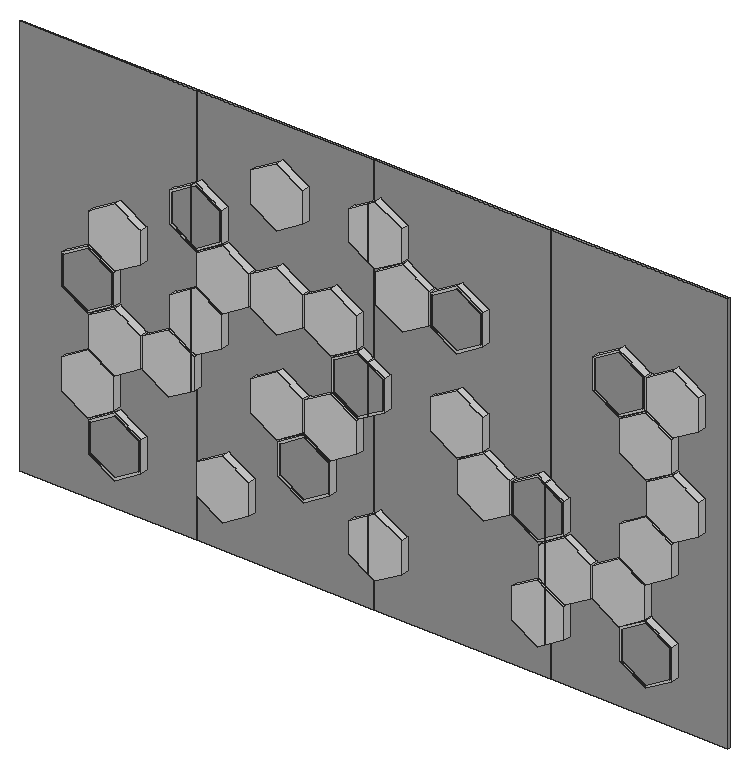
Revit family "SUR-FPG-035_HONEYCOMB_RFA", category Modelos genéricos, Revit 2022 (continued)
Forms (in)
  Extrusion 236, solid, not visible
    sketch origin (0.11662, 0.00149, -1.20924) x (0, 1, 0) y (0, 0, -1)
      loop
        line (0.96881, 1.14538) -> (0.96881, -1.85462) -> (0.65631, -1.85462) -> (0.65631, -2.35462) -> (0.96881, -2.35462) -> (3.48948, -2.35462) -> (3.48948, -0.60462) -> (4.19814, -0.60462) -> (4.19814, -2.35462) -> (9.23948, -2.35462) -> (9.23948, -0.60462) -> (9.94814, -0.60462) -> (9.94814, -2.35462) -> (14.98948, -2.35462) -> (14.98948, -0.60462) -> (15.69814, -0.60462) -> (15.69814, -2.35462) -> (20.73948, -2.35462) -> (20.73948, -0.60462) -> (21.44814, -0.60462) -> (21.44814, -2.35462) -> (24.28131, -2.35462) -> (24.28131, -1.85462) -> (23.96881, -1.85462) -> (23.96881, 1.14538) -> (0.96881, 1.14538)
    from -3.96341 to -3.49097
  Extrusion 237, solid, not visible
    sketch origin (-0.00149, 0.00149, -1.20924) x (0, 1, 0) y (0, 0, -1)
      loop
        line (0.96881, 1.14538) -> (0.96881, -1.85462) -> (0.65631, -1.85462) -> (0.65631, -2.35462) -> (0.96881, -2.35462) -> (3.48948, -2.35462) -> (3.48948, -0.60462) -> (4.19814, -0.60462) -> (4.19814, -2.35462) -> (9.23948, -2.35462) -> (9.23948, -0.60462) -> (9.94814, -0.60462) -> (9.94814, -2.35462) -> (14.98948, -2.35462) -> (14.98948, -0.60462) -> (15.69814, -0.60462) -> (15.69814, -2.35462) -> (20.73948, -2.35462) -> (20.73948, -0.60462) -> (21.44814, -0.60462) -> (21.44814, -2.35462) -> (24.28131, -2.35462) -> (24.28131, -1.85462) -> (23.96881, -1.85462) -> (23.96881, 1.14538) -> (0.96881, 1.14538)
    from -4.19963 to -4.08152
  Extrusion 238, solid, not visible
    sketch origin (0, 0, 0) x (1, 0, 0) y (0, 0, 1)
      loop
        line (0.96881, 0.64538) -> (0.96881, -2.35462) -> (3.48948, -2.35462) -> (3.48948, -0.60462) -> (4.19814, -0.60462) -> (4.19814, -2.35462) -> (9.23948, -2.35462) -> (9.23948, -0.60462) -> (9.94814, -0.60462) -> (9.94814, -2.35462) -> (14.98948, -2.35462) -> (14.98948, -0.60462) -> (15.69814, -0.60462) -> (15.69814, -2.35462) -> (20.73948, -2.35462) -> (20.73948, -0.60462) -> (21.44814, -0.60462) -> (21.44814, -2.35462) -> (23.96881, -2.35462) -> (23.96881, 0.64538) -> (24.28131, 0.64538) -> (24.28131, 1.14538) -> (0.65631, 1.14538) -> (0.65631, 0.64538) -> (0.96881, 0.64538)
    from -3.60908 to -3.49097
  Extrusion 239, solid, not visible
    sketch origin (0, 0, 0) x (1, 0, 0) y (0, 0, 1)
      loop
        line (0.96881, 0.64538) -> (0.96881, -2.35462) -> (3.48948, -2.35462) -> (3.48948, -0.60462) -> (4.19814, -0.60462) -> (4.19814, -2.35462) -> (9.23948, -2.35462) -> (9.23948, -0.60462) -> (9.94814, -0.60462) -> (9.94814, -2.35462) -> (14.98948, -2.35462) -> (14.98948, -0.60462) -> (15.69814, -0.60462) -> (15.69814, -2.35462) -> (20.73948, -2.35462) -> (20.73948, -0.60462) -> (21.44814, -0.60462) -> (21.44814, -2.35462) -> (23.96881, -2.35462) -> (23.96881, 0.64538) -> (24.28131, 0.64538) -> (24.28131, 1.14538) -> (0.65631, 1.14538) -> (0.65631, 0.64538) -> (0.96881, 0.64538)
    from -4.08152 to -3.60908
  Extrusion 240, solid, not visible
    sketch origin (0, 0, 0) x (1, 0, 0) y (0, 0, 1)
      loop
        line (0.96881, 0.64538) -> (0.96881, -2.35462) -> (3.48948, -2.35462) -> (3.48948, -0.60462) -> (4.19814, -0.60462) -> (4.19814, -2.35462) -> (9.23948, -2.35462) -> (9.23948, -0.60462) -> (9.94814, -0.60462) -> (9.94814, -2.35462) -> (14.98948, -2.35462) -> (14.98948, -0.60462) -> (15.69814, -0.60462) -> (15.69814, -2.35462) -> (20.73948, -2.35462) -> (20.73948, -0.60462) -> (21.44814, -0.60462) -> (21.44814, -2.35462) -> (23.96881, -2.35462) -> (23.96881, 0.64538) -> (24.28131, 0.64538) -> (24.28131, 1.14538) -> (0.65631, 1.14538) -> (0.65631, 0.64538) -> (0.96881, 0.64538)
    from -4.19963 to -4.08152
  Extrusion 241, solid, not visible
    sketch origin (0, 0, 0) x (1, 0, 0) y (0, 0, 1)
      loop
        line (0.96881, 0.64538) -> (0.96881, -2.35462) -> (3.48948, -2.35462) -> (3.48948, -0.60462) -> (4.19814, -0.60462) -> (4.19814, -2.35462) -> (9.23948, -2.35462) -> (9.23948, -0.60462) -> (9.94814, -0.60462) -> (9.94814, -2.35462) -> (14.98948, -2.35462) -> (14.98948, -0.60462) -> (15.69814, -0.60462) -> (15.69814, -2.35462) -> (20.73948, -2.35462) -> (20.73948, -0.60462) -> (21.44814, -0.60462) -> (21.44814, -2.35462) -> (23.96881, -2.35462) -> (23.96881, 0.64538) -> (24.28131, 0.64538) -> (24.28131, 1.14538) -> (0.65631, 1.14538) -> (0.65631, 0.64538) -> (0.96881, 0.64538)
    from -9.94963 to -9.83152
  Extrusion 242, solid, not visible
    sketch origin (0, 0, 0) x (1, 0, 0) y (0, 0, 1)
      loop
        line (0.96881, 0.64538) -> (0.96881, -2.35462) -> (3.48948, -2.35462) -> (3.48948, -0.60462) -> (4.19814, -0.60462) -> (4.19814, -2.35462) -> (9.23948, -2.35462) -> (9.23948, -0.60462) -> (9.94814, -0.60462) -> (9.94814, -2.35462) -> (14.98948, -2.35462) -> (14.98948, -0.60462) -> (15.69814, -0.60462) -> (15.69814, -2.35462) -> (20.73948, -2.35462) -> (20.73948, -0.60462) -> (21.44814, -0.60462) -> (21.44814, -2.35462) -> (23.96881, -2.35462) -> (23.96881, 0.64538) -> (24.28131, 0.64538) -> (24.28131, 1.14538) -> (0.65631, 1.14538) -> (0.65631, 0.64538) -> (0.96881, 0.64538)
    from -9.35908 to -9.24097
  Extrusion 243, solid, not visible
    sketch origin (0, 0, 0) x (1, 0, 0) y (0, 0, 1)
      loop
        line (0.96881, 0.64538) -> (0.96881, -2.35462) -> (3.48948, -2.35462) -> (3.48948, -0.60462) -> (4.19814, -0.60462) -> (4.19814, -2.35462) -> (9.23948, -2.35462) -> (9.23948, -0.60462) -> (9.94814, -0.60462) -> (9.94814, -2.35462) -> (14.98948, -2.35462) -> (14.98948, -0.60462) -> (15.69814, -0.60462) -> (15.69814, -2.35462) -> (20.73948, -2.35462) -> (20.73948, -0.60462) -> (21.44814, -0.60462) -> (21.44814, -2.35462) -> (23.96881, -2.35462) -> (23.96881, 0.64538) -> (24.28131, 0.64538) -> (24.28131, 1.14538) -> (0.65631, 1.14538) -> (0.65631, 0.64538) -> (0.96881, 0.64538)
    from -9.83152 to -9.35908
  Extrusion 244, solid, not visible
    sketch origin (0, 0, 0) x (1, 0, 0) y (0, 0, 1)
      loop
        line (0.96881, 0.64538) -> (0.96881, -2.35462) -> (3.48948, -2.35462) -> (3.48948, -0.60462) -> (4.19814, -0.60462) -> (4.19814, -2.35462) -> (9.23948, -2.35462) -> (9.23948, -0.60462) -> (9.94814, -0.60462) -> (9.94814, -2.35462) -> (14.98948, -2.35462) -> (14.98948, -0.60462) -> (15.69814, -0.60462) -> (15.69814, -2.35462) -> (20.73948, -2.35462) -> (20.73948, -0.60462) -> (21.44814, -0.60462) -> (21.44814, -2.35462) -> (23.96881, -2.35462) -> (23.96881, 0.64538) -> (24.28131, 0.64538) -> (24.28131, 1.14538) -> (0.65631, 1.14538) -> (0.65631, 0.64538) -> (0.96881, 0.64538)
    from -15.69963 to -15.58152
  Extrusion 245, solid, not visible
    sketch origin (0, 0, 0) x (1, 0, 0) y (0, 0, 1)
      loop
        line (0.96881, 0.64538) -> (0.96881, -2.35462) -> (3.48948, -2.35462) -> (3.48948, -0.60462) -> (4.19814, -0.60462) -> (4.19814, -2.35462) -> (9.23948, -2.35462) -> (9.23948, -0.60462) -> (9.94814, -0.60462) -> (9.94814, -2.35462) -> (14.98948, -2.35462) -> (14.98948, -0.60462) -> (15.69814, -0.60462) -> (15.69814, -2.35462) -> (20.73948, -2.35462) -> (20.73948, -0.60462) -> (21.44814, -0.60462) -> (21.44814, -2.35462) -> (23.96881, -2.35462) -> (23.96881, 0.64538) -> (24.28131, 0.64538) -> (24.28131, 1.14538) -> (0.65631, 1.14538) -> (0.65631, 0.64538) -> (0.96881, 0.64538)
    from -15.10908 to -14.99097
  Extrusion 246, solid, not visible
    sketch origin (0, 0, 0) x (1, 0, 0) y (0, 0, 1)
      loop
        line (0.96881, 0.64538) -> (0.96881, -2.35462) -> (3.48948, -2.35462) -> (3.48948, -0.60462) -> (4.19814, -0.60462) -> (4.19814, -2.35462) -> (9.23948, -2.35462) -> (9.23948, -0.60462) -> (9.94814, -0.60462) -> (9.94814, -2.35462) -> (14.98948, -2.35462) -> (14.98948, -0.60462) -> (15.69814, -0.60462) -> (15.69814, -2.35462) -> (20.73948, -2.35462) -> (20.73948, -0.60462) -> (21.44814, -0.60462) -> (21.44814, -2.35462) -> (23.96881, -2.35462) -> (23.96881, 0.64538) -> (24.28131, 0.64538) -> (24.28131, 1.14538) -> (0.65631, 1.14538) -> (0.65631, 0.64538) -> (0.96881, 0.64538)
    from -15.58152 to -15.10908
  Extrusion 247, solid, not visible
    sketch origin (0, 0, 0) x (1, 0, 0) y (0, 0, 1)
      loop
        line (0.96881, 0.64538) -> (0.96881, -2.35462) -> (3.48948, -2.35462) -> (3.48948, -0.60462) -> (4.19814, -0.60462) -> (4.19814, -2.35462) -> (9.23948, -2.35462) -> (9.23948, -0.60462) -> (9.94814, -0.60462) -> (9.94814, -2.35462) -> (14.98948, -2.35462) -> (14.98948, -0.60462) -> (15.69814, -0.60462) -> (15.69814, -2.35462) -> (20.73948, -2.35462) -> (20.73948, -0.60462) -> (21.44814, -0.60462) -> (21.44814, -2.35462) -> (23.96881, -2.35462) -> (23.96881, 0.64538) -> (24.28131, 0.64538) -> (24.28131, 1.14538) -> (0.65631, 1.14538) -> (0.65631, 0.64538) -> (0.96881, 0.64538)
    from -21.44963 to -21.33152
  Extrusion 248, solid, not visible
    sketch origin (0, 0, 0) x (1, 0, 0) y (0, 0, 1)
      loop
        line (0.96881, 0.64538) -> (0.96881, -2.35462) -> (3.48948, -2.35462) -> (3.48948, -0.60462) -> (4.19814, -0.60462) -> (4.19814, -2.35462) -> (9.23948, -2.35462) -> (9.23948, -0.60462) -> (9.94814, -0.60462) -> (9.94814, -2.35462) -> (14.98948, -2.35462) -> (14.98948, -0.60462) -> (15.69814, -0.60462) -> (15.69814, -2.35462) -> (20.73948, -2.35462) -> (20.73948, -0.60462) -> (21.44814, -0.60462) -> (21.44814, -2.35462) -> (23.96881, -2.35462) -> (23.96881, 0.64538) -> (24.28131, 0.64538) -> (24.28131, 1.14538) -> (0.65631, 1.14538) -> (0.65631, 0.64538) -> (0.96881, 0.64538)
    from -20.85908 to -20.74097
  Extrusion 249, solid, not visible
    sketch origin (0, 0, 0) x (1, 0, 0) y (0, 0, 1)
      loop
        line (0.96881, 0.64538) -> (0.96881, -2.35462) -> (3.48948, -2.35462) -> (3.48948, -0.60462) -> (4.19814, -0.60462) -> (4.19814, -2.35462) -> (9.23948, -2.35462) -> (9.23948, -0.60462) -> (9.94814, -0.60462) -> (9.94814, -2.35462) -> (14.98948, -2.35462) -> (14.98948, -0.60462) -> (15.69814, -0.60462) -> (15.69814, -2.35462) -> (20.73948, -2.35462) -> (20.73948, -0.60462) -> (21.44814, -0.60462) -> (21.44814, -2.35462) -> (23.96881, -2.35462) -> (23.96881, 0.64538) -> (24.28131, 0.64538) -> (24.28131, 1.14538) -> (0.65631, 1.14538) -> (0.65631, 0.64538) -> (0.96881, 0.64538)
    from -21.33152 to -20.85908
  Extrusion 250, solid, not visible
    sketch origin (-0.00149, 0.00149, -1.20924) x (0, 1, 0) y (0, 0, -1)
      loop
        line (0.96881, 1.14538) -> (0.96881, -1.85462) -> (0.65631, -1.85462) -> (0.65631, -2.35462) -> (0.96881, -2.35462) -> (3.48948, -2.35462) -> (3.48948, -0.60462) -> (4.19814, -0.60462) -> (4.19814, -2.35462) -> (9.23948, -2.35462) -> (9.23948, -0.60462) -> (9.94814, -0.60462) -> (9.94814, -2.35462) -> (14.98948, -2.35462) -> (14.98948, -0.60462) -> (15.69814, -0.60462) -> (15.69814, -2.35462) -> (20.73948, -2.35462) -> (20.73948, -0.60462) -> (21.44814, -0.60462) -> (21.44814, -2.35462) -> (24.28131, -2.35462) -> (24.28131, -1.85462) -> (23.96881, -1.85462) -> (23.96881, 1.14538) -> (0.96881, 1.14538)
    from -3.60908 to -3.49097
  Extrusion 251, solid, not visible
    sketch origin (0.11662, 0.00149, -1.20924) x (0, 1, 0) y (0, 0, -1)
      loop
        line (0.96881, 1.14538) -> (0.96881, -1.85462) -> (0.65631, -1.85462) -> (0.65631, -2.35462) -> (0.96881, -2.35462) -> (3.48948, -2.35462) -> (3.48948, -0.60462) -> (4.19814, -0.60462) -> (4.19814, -2.35462) -> (9.23948, -2.35462) -> (9.23948, -0.60462) -> (9.94814, -0.60462) -> (9.94814, -2.35462) -> (14.98948, -2.35462) -> (14.98948, -0.60462) -> (15.69814, -0.60462) -> (15.69814, -2.35462) -> (20.73948, -2.35462) -> (20.73948, -0.60462) -> (21.44814, -0.60462) -> (21.44814, -2.35462) -> (24.28131, -2.35462) -> (24.28131, -1.85462) -> (23.96881, -1.85462) -> (23.96881, 1.14538) -> (0.96881, 1.14538)
    from -3.96341 to -3.49097
  Extrusion 252, solid, not visible
    sketch origin (-0.00149, 0.00149, -1.20924) x (0, 1, 0) y (0, 0, -1)
      loop
        line (0.96881, 1.14538) -> (0.96881, -1.85462) -> (0.65631, -1.85462) -> (0.65631, -2.35462) -> (0.96881, -2.35462) -> (3.48948, -2.35462) -> (3.48948, -0.60462) -> (4.19814, -0.60462) -> (4.19814, -2.35462) -> (9.23948, -2.35462) -> (9.23948, -0.60462) -> (9.94814, -0.60462) -> (9.94814, -2.35462) -> (14.98948, -2.35462) -> (14.98948, -0.60462) -> (15.69814, -0.60462) -> (15.69814, -2.35462) -> (20.73948, -2.35462) -> (20.73948, -0.60462) -> (21.44814, -0.60462) -> (21.44814, -2.35462) -> (24.28131, -2.35462) -> (24.28131, -1.85462) -> (23.96881, -1.85462) -> (23.96881, 1.14538) -> (0.96881, 1.14538)
    from -4.19963 to -4.08152
  Extrusion 253, solid, not visible
    sketch origin (5.74851, 0.00149, -1.20924) x (0, 1, 0) y (0, 0, -1)
      loop
        line (0.96881, 1.14538) -> (0.96881, -1.85462) -> (0.65631, -1.85462) -> (0.65631, -2.35462) -> (0.96881, -2.35462) -> (3.48948, -2.35462) -> (3.48948, -0.60462) -> (4.19814, -0.60462) -> (4.19814, -2.35462) -> (9.23948, -2.35462) -> (9.23948, -0.60462) -> (9.94814, -0.60462) -> (9.94814, -2.35462) -> (14.98948, -2.35462) -> (14.98948, -0.60462) -> (15.69814, -0.60462) -> (15.69814, -2.35462) -> (20.73948, -2.35462) -> (20.73948, -0.60462) -> (21.44814, -0.60462) -> (21.44814, -2.35462) -> (24.28131, -2.35462) -> (24.28131, -1.85462) -> (23.96881, -1.85462) -> (23.96881, 1.14538) -> (0.96881, 1.14538)
    from -4.19963 to -4.08152
  Extrusion 254, solid, not visible
    sketch origin (5.15796, 0.00149, -1.20924) x (0, 1, 0) y (0, 0, -1)
      loop
        line (0.96881, 1.14538) -> (0.96881, -1.85462) -> (0.65631, -1.85462) -> (0.65631, -2.35462) -> (0.96881, -2.35462) -> (3.48948, -2.35462) -> (3.48948, -0.60462) -> (4.19814, -0.60462) -> (4.19814, -2.35462) -> (9.23948, -2.35462) -> (9.23948, -0.60462) -> (9.94814, -0.60462) -> (9.94814, -2.35462) -> (14.98948, -2.35462) -> (14.98948, -0.60462) -> (15.69814, -0.60462) -> (15.69814, -2.35462) -> (20.73948, -2.35462) -> (20.73948, -0.60462) -> (21.44814, -0.60462) -> (21.44814, -2.35462) -> (24.28131, -2.35462) -> (24.28131, -1.85462) -> (23.96881, -1.85462) -> (23.96881, 1.14538) -> (0.96881, 1.14538)
    from -4.19963 to -4.08152
  Extrusion 255, solid, not visible
    sketch origin (11.49851, 0.00149, -1.20924) x (0, 1, 0) y (0, 0, -1)
      loop
        line (0.96881, 1.14538) -> (0.96881, -1.85462) -> (0.65631, -1.85462) -> (0.65631, -2.35462) -> (0.96881, -2.35462) -> (3.48948, -2.35462) -> (3.48948, -0.60462) -> (4.19814, -0.60462) -> (4.19814, -2.35462) -> (9.23948, -2.35462) -> (9.23948, -0.60462) -> (9.94814, -0.60462) -> (9.94814, -2.35462) -> (14.98948, -2.35462) -> (14.98948, -0.60462) -> (15.69814, -0.60462) -> (15.69814, -2.35462) -> (20.73948, -2.35462) -> (20.73948, -0.60462) -> (21.44814, -0.60462) -> (21.44814, -2.35462) -> (24.28131, -2.35462) -> (24.28131, -1.85462) -> (23.96881, -1.85462) -> (23.96881, 1.14538) -> (0.96881, 1.14538)
    from -4.19963 to -4.08152
  Extrusion 256, solid, not visible
    sketch origin (10.90796, 0.00149, -1.20924) x (0, 1, 0) y (0, 0, -1)
      loop
        line (0.96881, 1.14538) -> (0.96881, -1.85462) -> (0.65631, -1.85462) -> (0.65631, -2.35462) -> (0.96881, -2.35462) -> (3.48948, -2.35462) -> (3.48948, -0.60462) -> (4.19814, -0.60462) -> (4.19814, -2.35462) -> (9.23948, -2.35462) -> (9.23948, -0.60462) -> (9.94814, -0.60462) -> (9.94814, -2.35462) -> (14.98948, -2.35462) -> (14.98948, -0.60462) -> (15.69814, -0.60462) -> (15.69814, -2.35462) -> (20.73948, -2.35462) -> (20.73948, -0.60462) -> (21.44814, -0.60462) -> (21.44814, -2.35462) -> (24.28131, -2.35462) -> (24.28131, -1.85462) -> (23.96881, -1.85462) -> (23.96881, 1.14538) -> (0.96881, 1.14538)
    from -4.19963 to -4.08152
  Extrusion 257, solid, not visible
    sketch origin (16.65796, 0.00149, -1.20924) x (0, 1, 0) y (0, 0, -1)
      loop
        line (0.96881, 1.14538) -> (0.96881, -1.85462) -> (0.65631, -1.85462) -> (0.65631, -2.35462) -> (0.96881, -2.35462) -> (3.48948, -2.35462) -> (3.48948, -0.60462) -> (4.19814, -0.60462) -> (4.19814, -2.35462) -> (9.23948, -2.35462) -> (9.23948, -0.60462) -> (9.94814, -0.60462) -> (9.94814, -2.35462) -> (14.98948, -2.35462) -> (14.98948, -0.60462) -> (15.69814, -0.60462) -> (15.69814, -2.35462) -> (20.73948, -2.35462) -> (20.73948, -0.60462) -> (21.44814, -0.60462) -> (21.44814, -2.35462) -> (24.28131, -2.35462) -> (24.28131, -1.85462) -> (23.96881, -1.85462) -> (23.96881, 1.14538) -> (0.96881, 1.14538)
    from -4.19963 to -4.08152
  Extrusion 258, solid, not visible
    sketch origin (17.24851, 0.00149, -1.20924) x (0, 1, 0) y (0, 0, -1)
      loop
        line (0.96881, 1.14538) -> (0.96881, -1.85462) -> (0.65631, -1.85462) -> (0.65631, -2.35462) -> (0.96881, -2.35462) -> (3.48948, -2.35462) -> (3.48948, -0.60462) -> (4.19814, -0.60462) -> (4.19814, -2.35462) -> (9.23948, -2.35462) -> (9.23948, -0.60462) -> (9.94814, -0.60462) -> (9.94814, -2.35462) -> (14.98948, -2.35462) -> (14.98948, -0.60462) -> (15.69814, -0.60462) -> (15.69814, -2.35462) -> (20.73948, -2.35462) -> (20.73948, -0.60462) -> (21.44814, -0.60462) -> (21.44814, -2.35462) -> (24.28131, -2.35462) -> (24.28131, -1.85462) -> (23.96881, -1.85462) -> (23.96881, 1.14538) -> (0.96881, 1.14538)
    from -4.19963 to -4.08152
  Extrusion 259, solid, not visible
    sketch origin (5.86662, 0.00149, -1.20924) x (0, 1, 0) y (0, 0, -1)
      loop
        line (0.96881, 1.14538) -> (0.96881, -1.85462) -> (0.65631, -1.85462) -> (0.65631, -2.35462) -> (0.96881, -2.35462) -> (3.48948, -2.35462) -> (3.48948, -0.60462) -> (4.19814, -0.60462) -> (4.19814, -2.35462) -> (9.23948, -2.35462) -> (9.23948, -0.60462) -> (9.94814, -0.60462) -> (9.94814, -2.35462) -> (14.98948, -2.35462) -> (14.98948, -0.60462) -> (15.69814, -0.60462) -> (15.69814, -2.35462) -> (20.73948, -2.35462) -> (20.73948, -0.60462) -> (21.44814, -0.60462) -> (21.44814, -2.35462) -> (24.28131, -2.35462) -> (24.28131, -1.85462) -> (23.96881, -1.85462) -> (23.96881, 1.14538) -> (0.96881, 1.14538)
    from -3.96341 to -3.49097
  Extrusion 260, solid, not visible
    sketch origin (11.61662, 0.00149, -1.20924) x (0, 1, 0) y (0, 0, -1)
      loop
        line (0.96881, 1.14538) -> (0.96881, -1.85462) -> (0.65631, -1.85462) -> (0.65631, -2.35462) -> (0.96881, -2.35462) -> (3.48948, -2.35462) -> (3.48948, -0.60462) -> (4.19814, -0.60462) -> (4.19814, -2.35462) -> (9.23948, -2.35462) -> (9.23948, -0.60462) -> (9.94814, -0.60462) -> (9.94814, -2.35462) -> (14.98948, -2.35462) -> (14.98948, -0.60462) -> (15.69814, -0.60462) -> (15.69814, -2.35462) -> (20.73948, -2.35462) -> (20.73948, -0.60462) -> (21.44814, -0.60462) -> (21.44814, -2.35462) -> (24.28131, -2.35462) -> (24.28131, -1.85462) -> (23.96881, -1.85462) -> (23.96881, 1.14538) -> (0.96881, 1.14538)
    from -3.96341 to -3.49097
  Extrusion 261, solid, not visible
    sketch origin (17.36662, 0.00149, -1.20924) x (0, 1, 0) y (0, 0, -1)
      loop
        line (0.96881, 1.14538) -> (0.96881, -1.85462) -> (0.65631, -1.85462) -> (0.65631, -2.35462) -> (0.96881, -2.35462) -> (3.48948, -2.35462) -> (3.48948, -0.60462) -> (4.19814, -0.60462) -> (4.19814, -2.35462) -> (9.23948, -2.35462) -> (9.23948, -0.60462) -> (9.94814, -0.60462) -> (9.94814, -2.35462) -> (14.98948, -2.35462) -> (14.98948, -0.60462) -> (15.69814, -0.60462) -> (15.69814, -2.35462) -> (20.73948, -2.35462) -> (20.73948, -0.60462) -> (21.44814, -0.60462) -> (21.44814, -2.35462) -> (24.28131, -2.35462) -> (24.28131, -1.85462) -> (23.96881, -1.85462) -> (23.96881, 1.14538) -> (0.96881, 1.14538)
    from -3.96341 to -3.49097
  Extrusion 262, solid, not visible
    sketch origin (0, 0, 0) x (1, 0, 0) y (0, 0, 1)
      loop
        line (0.96881, 0.64538) -> (0.96881, -2.35462) -> (3.48948, -2.35462) -> (3.48948, -0.60462) -> (4.19814, -0.60462) -> (4.19814, -2.35462) -> (9.23948, -2.35462) -> (9.23948, -0.60462) -> (9.94814, -0.60462) -> (9.94814, -2.35462) -> (14.98948, -2.35462) -> (14.98948, -0.60462) -> (15.69814, -0.60462) -> (15.69814, -2.35462) -> (20.73948, -2.35462) -> (20.73948, -0.60462) -> (21.44814, -0.60462) -> (21.44814, -2.35462) -> (23.96881, -2.35462) -> (23.96881, 0.64538) -> (24.28131, 0.64538) -> (24.28131, 1.14538) -> (0.65631, 1.14538) -> (0.65631, 0.64538) -> (0.96881, 0.64538)
    from -3.60908 to -3.49097
  Extrusion 263, solid, not visible
    sketch origin (0, 0, 0) x (1, 0, 0) y (0, 0, 1)
      loop
        line (0.96881, 0.64538) -> (0.96881, -2.35462) -> (3.48948, -2.35462) -> (3.48948, -0.60462) -> (4.19814, -0.60462) -> (4.19814, -2.35462) -> (9.23948, -2.35462) -> (9.23948, -0.60462) -> (9.94814, -0.60462) -> (9.94814, -2.35462) -> (14.98948, -2.35462) -> (14.98948, -0.60462) -> (15.69814, -0.60462) -> (15.69814, -2.35462) -> (20.73948, -2.35462) -> (20.73948, -0.60462) -> (21.44814, -0.60462) -> (21.44814, -2.35462) -> (23.96881, -2.35462) -> (23.96881, 0.64538) -> (24.28131, 0.64538) -> (24.28131, 1.14538) -> (0.65631, 1.14538) -> (0.65631, 0.64538) -> (0.96881, 0.64538)
    from -4.08152 to -3.60908
  Extrusion 264, solid, not visible
    sketch origin (0, 0, 0) x (1, 0, 0) y (0, 0, 1)
      loop
        line (0.96881, 0.64538) -> (0.96881, -2.35462) -> (3.48948, -2.35462) -> (3.48948, -0.60462) -> (4.19814, -0.60462) -> (4.19814, -2.35462) -> (9.23948, -2.35462) -> (9.23948, -0.60462) -> (9.94814, -0.60462) -> (9.94814, -2.35462) -> (14.98948, -2.35462) -> (14.98948, -0.60462) -> (15.69814, -0.60462) -> (15.69814, -2.35462) -> (20.73948, -2.35462) -> (20.73948, -0.60462) -> (21.44814, -0.60462) -> (21.44814, -2.35462) -> (23.96881, -2.35462) -> (23.96881, 0.64538) -> (24.28131, 0.64538) -> (24.28131, 1.14538) -> (0.65631, 1.14538) -> (0.65631, 0.64538) -> (0.96881, 0.64538)
    from -4.19963 to -4.08152
  Extrusion 265, solid, not visible
    sketch origin (-0.00149, 0.00149, -1.20924) x (0, 1, 0) y (0, 0, -1)
      loop
        line (0.96881, 1.14538) -> (0.96881, -1.85462) -> (0.65631, -1.85462) -> (0.65631, -2.35462) -> (0.96881, -2.35462) -> (3.48948, -2.35462) -> (3.48948, -0.60462) -> (4.19814, -0.60462) -> (4.19814, -2.35462) -> (9.23948, -2.35462) -> (9.23948, -0.60462) -> (9.94814, -0.60462) -> (9.94814, -2.35462) -> (14.98948, -2.35462) -> (14.98948, -0.60462) -> (15.69814, -0.60462) -> (15.69814, -2.35462) -> (20.73948, -2.35462) -> (20.73948, -0.60462) -> (21.44814, -0.60462) -> (21.44814, -2.35462) -> (24.28131, -2.35462) -> (24.28131, -1.85462) -> (23.96881, -1.85462) -> (23.96881, 1.14538) -> (0.96881, 1.14538)
    from -3.60908 to -3.49097
  Extrusion 266, solid, not visible
    sketch origin (0.11662, 0.00149, -1.20924) x (0, 1, 0) y (0, 0, -1)
      loop
        line (0.96881, 1.14538) -> (0.96881, -1.85462) -> (0.65631, -1.85462) -> (0.65631, -2.35462) -> (0.96881, -2.35462) -> (3.48948, -2.35462) -> (3.48948, -0.60462) -> (4.19814, -0.60462) -> (4.19814, -2.35462) -> (9.23948, -2.35462) -> (9.23948, -0.60462) -> (9.94814, -0.60462) -> (9.94814, -2.35462) -> (14.98948, -2.35462) -> (14.98948, -0.60462) -> (15.69814, -0.60462) -> (15.69814, -2.35462) -> (20.73948, -2.35462) -> (20.73948, -0.60462) -> (21.44814, -0.60462) -> (21.44814, -2.35462) -> (24.28131, -2.35462) -> (24.28131, -1.85462) -> (23.96881, -1.85462) -> (23.96881, 1.14538) -> (0.96881, 1.14538)
    from -3.96341 to -3.49097
  Extrusion 267, solid, not visible
    sketch origin (-0.00149, 0.00149, -1.20924) x (0, 1, 0) y (0, 0, -1)
      loop
        line (0.96881, 1.14538) -> (0.96881, -1.85462) -> (0.65631, -1.85462) -> (0.65631, -2.35462) -> (0.96881, -2.35462) -> (3.48948, -2.35462) -> (3.48948, -0.60462) -> (4.19814, -0.60462) -> (4.19814, -2.35462) -> (9.23948, -2.35462) -> (9.23948, -0.60462) -> (9.94814, -0.60462) -> (9.94814, -2.35462) -> (14.98948, -2.35462) -> (14.98948, -0.60462) -> (15.69814, -0.60462) -> (15.69814, -2.35462) -> (20.73948, -2.35462) -> (20.73948, -0.60462) -> (21.44814, -0.60462) -> (21.44814, -2.35462) -> (24.28131, -2.35462) -> (24.28131, -1.85462) -> (23.96881, -1.85462) -> (23.96881, 1.14538) -> (0.96881, 1.14538)
    from -4.19963 to -4.08152
  Extrusion 268, solid, not visible
    sketch origin (0, 0, 0) x (1, 0, 0) y (0, 0, 1)
      loop
        line (0.96881, 0.64538) -> (0.96881, -2.35462) -> (3.48948, -2.35462) -> (3.48948, -0.60462) -> (4.19814, -0.60462) -> (4.19814, -2.35462) -> (9.23948, -2.35462) -> (9.23948, -0.60462) -> (9.94814, -0.60462) -> (9.94814, -2.35462) -> (14.98948, -2.35462) -> (14.98948, -0.60462) -> (15.69814, -0.60462) -> (15.69814, -2.35462) -> (20.73948, -2.35462) -> (20.73948, -0.60462) -> (21.44814, -0.60462) -> (21.44814, -2.35462) -> (23.96881, -2.35462) -> (23.96881, 0.64538) -> (24.28131, 0.64538) -> (24.28131, 1.14538) -> (0.65631, 1.14538) -> (0.65631, 0.64538) -> (0.96881, 0.64538)
    from -9.94963 to -9.83152
  Extrusion 269, solid, not visible
    sketch origin (0, 0, 0) x (1, 0, 0) y (0, 0, 1)
      loop
        line (0.96881, 0.64538) -> (0.96881, -2.35462) -> (3.48948, -2.35462) -> (3.48948, -0.60462) -> (4.19814, -0.60462) -> (4.19814, -2.35462) -> (9.23948, -2.35462) -> (9.23948, -0.60462) -> (9.94814, -0.60462) -> (9.94814, -2.35462) -> (14.98948, -2.35462) -> (14.98948, -0.60462) -> (15.69814, -0.60462) -> (15.69814, -2.35462) -> (20.73948, -2.35462) -> (20.73948, -0.60462) -> (21.44814, -0.60462) -> (21.44814, -2.35462) -> (23.96881, -2.35462) -> (23.96881, 0.64538) -> (24.28131, 0.64538) -> (24.28131, 1.14538) -> (0.65631, 1.14538) -> (0.65631, 0.64538) -> (0.96881, 0.64538)
    from -9.35908 to -9.24097
  Extrusion 270, solid, not visible
    sketch origin (0, 0, 0) x (1, 0, 0) y (0, 0, 1)
      loop
        line (0.96881, 0.64538) -> (0.96881, -2.35462) -> (3.48948, -2.35462) -> (3.48948, -0.60462) -> (4.19814, -0.60462) -> (4.19814, -2.35462) -> (9.23948, -2.35462) -> (9.23948, -0.60462) -> (9.94814, -0.60462) -> (9.94814, -2.35462) -> (14.98948, -2.35462) -> (14.98948, -0.60462) -> (15.69814, -0.60462) -> (15.69814, -2.35462) -> (20.73948, -2.35462) -> (20.73948, -0.60462) -> (21.44814, -0.60462) -> (21.44814, -2.35462) -> (23.96881, -2.35462) -> (23.96881, 0.64538) -> (24.28131, 0.64538) -> (24.28131, 1.14538) -> (0.65631, 1.14538) -> (0.65631, 0.64538) -> (0.96881, 0.64538)
    from -9.83152 to -9.35908
  Extrusion 271, solid, not visible
    sketch origin (0, 0, 0) x (1, 0, 0) y (0, 0, 1)
      loop
        line (0.96881, 0.64538) -> (0.96881, -2.35462) -> (3.48948, -2.35462) -> (3.48948, -0.60462) -> (4.19814, -0.60462) -> (4.19814, -2.35462) -> (9.23948, -2.35462) -> (9.23948, -0.60462) -> (9.94814, -0.60462) -> (9.94814, -2.35462) -> (14.98948, -2.35462) -> (14.98948, -0.60462) -> (15.69814, -0.60462) -> (15.69814, -2.35462) -> (20.73948, -2.35462) -> (20.73948, -0.60462) -> (21.44814, -0.60462) -> (21.44814, -2.35462) -> (23.96881, -2.35462) -> (23.96881, 0.64538) -> (24.28131, 0.64538) -> (24.28131, 1.14538) -> (0.65631, 1.14538) -> (0.65631, 0.64538) -> (0.96881, 0.64538)
    from -15.69963 to -15.58152
  Extrusion 272, solid, not visible
    sketch origin (0, 0, 0) x (1, 0, 0) y (0, 0, 1)
      loop
        line (0.96881, 0.64538) -> (0.96881, -2.35462) -> (3.48948, -2.35462) -> (3.48948, -0.60462) -> (4.19814, -0.60462) -> (4.19814, -2.35462) -> (9.23948, -2.35462) -> (9.23948, -0.60462) -> (9.94814, -0.60462) -> (9.94814, -2.35462) -> (14.98948, -2.35462) -> (14.98948, -0.60462) -> (15.69814, -0.60462) -> (15.69814, -2.35462) -> (20.73948, -2.35462) -> (20.73948, -0.60462) -> (21.44814, -0.60462) -> (21.44814, -2.35462) -> (23.96881, -2.35462) -> (23.96881, 0.64538) -> (24.28131, 0.64538) -> (24.28131, 1.14538) -> (0.65631, 1.14538) -> (0.65631, 0.64538) -> (0.96881, 0.64538)
    from -15.10908 to -14.99097
  Extrusion 273, solid, not visible
    sketch origin (0, 0, 0) x (1, 0, 0) y (0, 0, 1)
      loop
        line (0.96881, 0.64538) -> (0.96881, -2.35462) -> (3.48948, -2.35462) -> (3.48948, -0.60462) -> (4.19814, -0.60462) -> (4.19814, -2.35462) -> (9.23948, -2.35462) -> (9.23948, -0.60462) -> (9.94814, -0.60462) -> (9.94814, -2.35462) -> (14.98948, -2.35462) -> (14.98948, -0.60462) -> (15.69814, -0.60462) -> (15.69814, -2.35462) -> (20.73948, -2.35462) -> (20.73948, -0.60462) -> (21.44814, -0.60462) -> (21.44814, -2.35462) -> (23.96881, -2.35462) -> (23.96881, 0.64538) -> (24.28131, 0.64538) -> (24.28131, 1.14538) -> (0.65631, 1.14538) -> (0.65631, 0.64538) -> (0.96881, 0.64538)
    from -15.58152 to -15.10908
  Extrusion 274, solid, not visible
    sketch origin (0, 0, 0) x (1, 0, 0) y (0, 0, 1)
      loop
        line (0.96881, 0.64538) -> (0.96881, -2.35462) -> (3.48948, -2.35462) -> (3.48948, -0.60462) -> (4.19814, -0.60462) -> (4.19814, -2.35462) -> (9.23948, -2.35462) -> (9.23948, -0.60462) -> (9.94814, -0.60462) -> (9.94814, -2.35462) -> (14.98948, -2.35462) -> (14.98948, -0.60462) -> (15.69814, -0.60462) -> (15.69814, -2.35462) -> (20.73948, -2.35462) -> (20.73948, -0.60462) -> (21.44814, -0.60462) -> (21.44814, -2.35462) -> (23.96881, -2.35462) -> (23.96881, 0.64538) -> (24.28131, 0.64538) -> (24.28131, 1.14538) -> (0.65631, 1.14538) -> (0.65631, 0.64538) -> (0.96881, 0.64538)
    from -21.44963 to -21.33152
  Extrusion 275, solid, not visible
    sketch origin (0, 0, 0) x (1, 0, 0) y (0, 0, 1)
      loop
        line (0.96881, 0.64538) -> (0.96881, -2.35462) -> (3.48948, -2.35462) -> (3.48948, -0.60462) -> (4.19814, -0.60462) -> (4.19814, -2.35462) -> (9.23948, -2.35462) -> (9.23948, -0.60462) -> (9.94814, -0.60462) -> (9.94814, -2.35462) -> (14.98948, -2.35462) -> (14.98948, -0.60462) -> (15.69814, -0.60462) -> (15.69814, -2.35462) -> (20.73948, -2.35462) -> (20.73948, -0.60462) -> (21.44814, -0.60462) -> (21.44814, -2.35462) -> (23.96881, -2.35462) -> (23.96881, 0.64538) -> (24.28131, 0.64538) -> (24.28131, 1.14538) -> (0.65631, 1.14538) -> (0.65631, 0.64538) -> (0.96881, 0.64538)
    from -20.85908 to -20.74097
  Extrusion 276, solid, not visible
    sketch origin (0, 0, 0) x (1, 0, 0) y (0, 0, 1)
      loop
        line (0.96881, 0.64538) -> (0.96881, -2.35462) -> (3.48948, -2.35462) -> (3.48948, -0.60462) -> (4.19814, -0.60462) -> (4.19814, -2.35462) -> (9.23948, -2.35462) -> (9.23948, -0.60462) -> (9.94814, -0.60462) -> (9.94814, -2.35462) -> (14.98948, -2.35462) -> (14.98948, -0.60462) -> (15.69814, -0.60462) -> (15.69814, -2.35462) -> (20.73948, -2.35462) -> (20.73948, -0.60462) -> (21.44814, -0.60462) -> (21.44814, -2.35462) -> (23.96881, -2.35462) -> (23.96881, 0.64538) -> (24.28131, 0.64538) -> (24.28131, 1.14538) -> (0.65631, 1.14538) -> (0.65631, 0.64538) -> (0.96881, 0.64538)
    from -21.33152 to -20.85908
  Extrusion 277, solid, not visible
    sketch origin (5.74851, 0.00149, -1.20924) x (0, 1, 0) y (0, 0, -1)
      loop
        line (0.96881, 1.14538) -> (0.96881, -1.85462) -> (0.65631, -1.85462) -> (0.65631, -2.35462) -> (0.96881, -2.35462) -> (3.48948, -2.35462) -> (3.48948, -0.60462) -> (4.19814, -0.60462) -> (4.19814, -2.35462) -> (9.23948, -2.35462) -> (9.23948, -0.60462) -> (9.94814, -0.60462) -> (9.94814, -2.35462) -> (14.98948, -2.35462) -> (14.98948, -0.60462) -> (15.69814, -0.60462) -> (15.69814, -2.35462) -> (20.73948, -2.35462) -> (20.73948, -0.60462) -> (21.44814, -0.60462) -> (21.44814, -2.35462) -> (24.28131, -2.35462) -> (24.28131, -1.85462) -> (23.96881, -1.85462) -> (23.96881, 1.14538) -> (0.96881, 1.14538)
    from -4.19963 to -4.08152
  Extrusion 278, solid, not visible
    sketch origin (5.15796, 0.00149, -1.20924) x (0, 1, 0) y (0, 0, -1)
      loop
        line (0.96881, 1.14538) -> (0.96881, -1.85462) -> (0.65631, -1.85462) -> (0.65631, -2.35462) -> (0.96881, -2.35462) -> (3.48948, -2.35462) -> (3.48948, -0.60462) -> (4.19814, -0.60462) -> (4.19814, -2.35462) -> (9.23948, -2.35462) -> (9.23948, -0.60462) -> (9.94814, -0.60462) -> (9.94814, -2.35462) -> (14.98948, -2.35462) -> (14.98948, -0.60462) -> (15.69814, -0.60462) -> (15.69814, -2.35462) -> (20.73948, -2.35462) -> (20.73948, -0.60462) -> (21.44814, -0.60462) -> (21.44814, -2.35462) -> (24.28131, -2.35462) -> (24.28131, -1.85462) -> (23.96881, -1.85462) -> (23.96881, 1.14538) -> (0.96881, 1.14538)
    from -4.19963 to -4.08152
  Extrusion 279, solid, not visible
    sketch origin (11.49851, 0.00149, -1.20924) x (0, 1, 0) y (0, 0, -1)
      loop
        line (0.96881, 1.14538) -> (0.96881, -1.85462) -> (0.65631, -1.85462) -> (0.65631, -2.35462) -> (0.96881, -2.35462) -> (3.48948, -2.35462) -> (3.48948, -0.60462) -> (4.19814, -0.60462) -> (4.19814, -2.35462) -> (9.23948, -2.35462) -> (9.23948, -0.60462) -> (9.94814, -0.60462) -> (9.94814, -2.35462) -> (14.98948, -2.35462) -> (14.98948, -0.60462) -> (15.69814, -0.60462) -> (15.69814, -2.35462) -> (20.73948, -2.35462) -> (20.73948, -0.60462) -> (21.44814, -0.60462) -> (21.44814, -2.35462) -> (24.28131, -2.35462) -> (24.28131, -1.85462) -> (23.96881, -1.85462) -> (23.96881, 1.14538) -> (0.96881, 1.14538)
    from -4.19963 to -4.08152
  Extrusion 280, solid, not visible
    sketch origin (10.90796, 0.00149, -1.20924) x (0, 1, 0) y (0, 0, -1)
      loop
        line (0.96881, 1.14538) -> (0.96881, -1.85462) -> (0.65631, -1.85462) -> (0.65631, -2.35462) -> (0.96881, -2.35462) -> (3.48948, -2.35462) -> (3.48948, -0.60462) -> (4.19814, -0.60462) -> (4.19814, -2.35462) -> (9.23948, -2.35462) -> (9.23948, -0.60462) -> (9.94814, -0.60462) -> (9.94814, -2.35462) -> (14.98948, -2.35462) -> (14.98948, -0.60462) -> (15.69814, -0.60462) -> (15.69814, -2.35462) -> (20.73948, -2.35462) -> (20.73948, -0.60462) -> (21.44814, -0.60462) -> (21.44814, -2.35462) -> (24.28131, -2.35462) -> (24.28131, -1.85462) -> (23.96881, -1.85462) -> (23.96881, 1.14538) -> (0.96881, 1.14538)
    from -4.19963 to -4.08152
  Extrusion 281, solid, not visible
    sketch origin (16.65796, 0.00149, -1.20924) x (0, 1, 0) y (0, 0, -1)
      loop
        line (0.96881, 1.14538) -> (0.96881, -1.85462) -> (0.65631, -1.85462) -> (0.65631, -2.35462) -> (0.96881, -2.35462) -> (3.48948, -2.35462) -> (3.48948, -0.60462) -> (4.19814, -0.60462) -> (4.19814, -2.35462) -> (9.23948, -2.35462) -> (9.23948, -0.60462) -> (9.94814, -0.60462) -> (9.94814, -2.35462) -> (14.98948, -2.35462) -> (14.98948, -0.60462) -> (15.69814, -0.60462) -> (15.69814, -2.35462) -> (20.73948, -2.35462) -> (20.73948, -0.60462) -> (21.44814, -0.60462) -> (21.44814, -2.35462) -> (24.28131, -2.35462) -> (24.28131, -1.85462) -> (23.96881, -1.85462) -> (23.96881, 1.14538) -> (0.96881, 1.14538)
    from -4.19963 to -4.08152
  Extrusion 282, solid, not visible
    sketch origin (17.24851, 0.00149, -1.20924) x (0, 1, 0) y (0, 0, -1)
      loop
        line (0.96881, 1.14538) -> (0.96881, -1.85462) -> (0.65631, -1.85462) -> (0.65631, -2.35462) -> (0.96881, -2.35462) -> (3.48948, -2.35462) -> (3.48948, -0.60462) -> (4.19814, -0.60462) -> (4.19814, -2.35462) -> (9.23948, -2.35462) -> (9.23948, -0.60462) -> (9.94814, -0.60462) -> (9.94814, -2.35462) -> (14.98948, -2.35462) -> (14.98948, -0.60462) -> (15.69814, -0.60462) -> (15.69814, -2.35462) -> (20.73948, -2.35462) -> (20.73948, -0.60462) -> (21.44814, -0.60462) -> (21.44814, -2.35462) -> (24.28131, -2.35462) -> (24.28131, -1.85462) -> (23.96881, -1.85462) -> (23.96881, 1.14538) -> (0.96881, 1.14538)
    from -4.19963 to -4.08152
  Extrusion 283, solid, not visible
    sketch origin (5.86662, 0.00149, -1.20924) x (0, 1, 0) y (0, 0, -1)
      loop
        line (0.96881, 1.14538) -> (0.96881, -1.85462) -> (0.65631, -1.85462) -> (0.65631, -2.35462) -> (0.96881, -2.35462) -> (3.48948, -2.35462) -> (3.48948, -0.60462) -> (4.19814, -0.60462) -> (4.19814, -2.35462) -> (9.23948, -2.35462) -> (9.23948, -0.60462) -> (9.94814, -0.60462) -> (9.94814, -2.35462) -> (14.98948, -2.35462) -> (14.98948, -0.60462) -> (15.69814, -0.60462) -> (15.69814, -2.35462) -> (20.73948, -2.35462) -> (20.73948, -0.60462) -> (21.44814, -0.60462) -> (21.44814, -2.35462) -> (24.28131, -2.35462) -> (24.28131, -1.85462) -> (23.96881, -1.85462) -> (23.96881, 1.14538) -> (0.96881, 1.14538)
    from -3.96341 to -3.49097
  Extrusion 284, solid, not visible
    sketch origin (11.61662, 0.00149, -1.20924) x (0, 1, 0) y (0, 0, -1)
      loop
        line (0.96881, 1.14538) -> (0.96881, -1.85462) -> (0.65631, -1.85462) -> (0.65631, -2.35462) -> (0.96881, -2.35462) -> (3.48948, -2.35462) -> (3.48948, -0.60462) -> (4.19814, -0.60462) -> (4.19814, -2.35462) -> (9.23948, -2.35462) -> (9.23948, -0.60462) -> (9.94814, -0.60462) -> (9.94814, -2.35462) -> (14.98948, -2.35462) -> (14.98948, -0.60462) -> (15.69814, -0.60462) -> (15.69814, -2.35462) -> (20.73948, -2.35462) -> (20.73948, -0.60462) -> (21.44814, -0.60462) -> (21.44814, -2.35462) -> (24.28131, -2.35462) -> (24.28131, -1.85462) -> (23.96881, -1.85462) -> (23.96881, 1.14538) -> (0.96881, 1.14538)
    from -3.96341 to -3.49097
  Extrusion 285, solid, not visible
    sketch origin (17.36662, 0.00149, -1.20924) x (0, 1, 0) y (0, 0, -1)
      loop
        line (0.96881, 1.14538) -> (0.96881, -1.85462) -> (0.65631, -1.85462) -> (0.65631, -2.35462) -> (0.96881, -2.35462) -> (3.48948, -2.35462) -> (3.48948, -0.60462) -> (4.19814, -0.60462) -> (4.19814, -2.35462) -> (9.23948, -2.35462) -> (9.23948, -0.60462) -> (9.94814, -0.60462) -> (9.94814, -2.35462) -> (14.98948, -2.35462) -> (14.98948, -0.60462) -> (15.69814, -0.60462) -> (15.69814, -2.35462) -> (20.73948, -2.35462) -> (20.73948, -0.60462) -> (21.44814, -0.60462) -> (21.44814, -2.35462) -> (24.28131, -2.35462) -> (24.28131, -1.85462) -> (23.96881, -1.85462) -> (23.96881, 1.14538) -> (0.96881, 1.14538)
    from -3.96341 to -3.49097
  Extrusion 286, solid, not visible
    sketch origin (-44, 0, 0) x (1, 0, 0) y (0, 0, 1)
      loop
        line (0.96881, 0.64538) -> (0.96881, -2.35462) -> (3.48948, -2.35462) -> (3.48948, -0.60462) -> (4.19814, -0.60462) -> (4.19814, -2.35462) -> (9.23948, -2.35462) -> (9.23948, -0.60462) -> (9.94814, -0.60462) -> (9.94814, -2.35462) -> (14.98948, -2.35462) -> (14.98948, -0.60462) -> (15.69814, -0.60462) -> (15.69814, -2.35462) -> (20.73948, -2.35462) -> (20.73948, -0.60462) -> (21.44814, -0.60462) -> (21.44814, -2.35462) -> (23.96881, -2.35462) -> (23.96881, 0.64538) -> (24.28131, 0.64538) -> (24.28131, 1.14538) -> (0.65631, 1.14538) -> (0.65631, 0.64538) -> (0.96881, 0.64538)
    from -3.60908 to -3.49097
  Extrusion 287, solid, not visible
    sketch origin (-44, 0, 0) x (1, 0, 0) y (0, 0, 1)
      loop
        line (0.96881, 0.64538) -> (0.96881, -2.35462) -> (3.48948, -2.35462) -> (3.48948, -0.60462) -> (4.19814, -0.60462) -> (4.19814, -2.35462) -> (9.23948, -2.35462) -> (9.23948, -0.60462) -> (9.94814, -0.60462) -> (9.94814, -2.35462) -> (14.98948, -2.35462) -> (14.98948, -0.60462) -> (15.69814, -0.60462) -> (15.69814, -2.35462) -> (20.73948, -2.35462) -> (20.73948, -0.60462) -> (21.44814, -0.60462) -> (21.44814, -2.35462) -> (23.96881, -2.35462) -> (23.96881, 0.64538) -> (24.28131, 0.64538) -> (24.28131, 1.14538) -> (0.65631, 1.14538) -> (0.65631, 0.64538) -> (0.96881, 0.64538)
    from -4.08152 to -3.60908
  Extrusion 288, solid, not visible
    sketch origin (-44, 0, 0) x (1, 0, 0) y (0, 0, 1)
      loop
        line (0.96881, 0.64538) -> (0.96881, -2.35462) -> (3.48948, -2.35462) -> (3.48948, -0.60462) -> (4.19814, -0.60462) -> (4.19814, -2.35462) -> (9.23948, -2.35462) -> (9.23948, -0.60462) -> (9.94814, -0.60462) -> (9.94814, -2.35462) -> (14.98948, -2.35462) -> (14.98948, -0.60462) -> (15.69814, -0.60462) -> (15.69814, -2.35462) -> (20.73948, -2.35462) -> (20.73948, -0.60462) -> (21.44814, -0.60462) -> (21.44814, -2.35462) -> (23.96881, -2.35462) -> (23.96881, 0.64538) -> (24.28131, 0.64538) -> (24.28131, 1.14538) -> (0.65631, 1.14538) -> (0.65631, 0.64538) -> (0.96881, 0.64538)
    from -4.19963 to -4.08152
  Extrusion 289, solid, not visible
    sketch origin (-44, 0, 0) x (1, 0, 0) y (0, 0, 1)
      loop
        line (0.96881, 0.64538) -> (0.96881, -2.35462) -> (3.48948, -2.35462) -> (3.48948, -0.60462) -> (4.19814, -0.60462) -> (4.19814, -2.35462) -> (9.23948, -2.35462) -> (9.23948, -0.60462) -> (9.94814, -0.60462) -> (9.94814, -2.35462) -> (14.98948, -2.35462) -> (14.98948, -0.60462) -> (15.69814, -0.60462) -> (15.69814, -2.35462) -> (20.73948, -2.35462) -> (20.73948, -0.60462) -> (21.44814, -0.60462) -> (21.44814, -2.35462) -> (23.96881, -2.35462) -> (23.96881, 0.64538) -> (24.28131, 0.64538) -> (24.28131, 1.14538) -> (0.65631, 1.14538) -> (0.65631, 0.64538) -> (0.96881, 0.64538)
    from -9.94963 to -9.83152
  Extrusion 290, solid, not visible
    sketch origin (-44, 0, 0) x (1, 0, 0) y (0, 0, 1)
      loop
        line (0.96881, 0.64538) -> (0.96881, -2.35462) -> (3.48948, -2.35462) -> (3.48948, -0.60462) -> (4.19814, -0.60462) -> (4.19814, -2.35462) -> (9.23948, -2.35462) -> (9.23948, -0.60462) -> (9.94814, -0.60462) -> (9.94814, -2.35462) -> (14.98948, -2.35462) -> (14.98948, -0.60462) -> (15.69814, -0.60462) -> (15.69814, -2.35462) -> (20.73948, -2.35462) -> (20.73948, -0.60462) -> (21.44814, -0.60462) -> (21.44814, -2.35462) -> (23.96881, -2.35462) -> (23.96881, 0.64538) -> (24.28131, 0.64538) -> (24.28131, 1.14538) -> (0.65631, 1.14538) -> (0.65631, 0.64538) -> (0.96881, 0.64538)
    from -9.35908 to -9.24097
  Extrusion 291, solid, not visible
    sketch origin (-44, 0, 0) x (1, 0, 0) y (0, 0, 1)
      loop
        line (0.96881, 0.64538) -> (0.96881, -2.35462) -> (3.48948, -2.35462) -> (3.48948, -0.60462) -> (4.19814, -0.60462) -> (4.19814, -2.35462) -> (9.23948, -2.35462) -> (9.23948, -0.60462) -> (9.94814, -0.60462) -> (9.94814, -2.35462) -> (14.98948, -2.35462) -> (14.98948, -0.60462) -> (15.69814, -0.60462) -> (15.69814, -2.35462) -> (20.73948, -2.35462) -> (20.73948, -0.60462) -> (21.44814, -0.60462) -> (21.44814, -2.35462) -> (23.96881, -2.35462) -> (23.96881, 0.64538) -> (24.28131, 0.64538) -> (24.28131, 1.14538) -> (0.65631, 1.14538) -> (0.65631, 0.64538) -> (0.96881, 0.64538)
    from -9.83152 to -9.35908
  Extrusion 292, solid, not visible
    sketch origin (-44, 0, 0) x (1, 0, 0) y (0, 0, 1)
      loop
        line (0.96881, 0.64538) -> (0.96881, -2.35462) -> (3.48948, -2.35462) -> (3.48948, -0.60462) -> (4.19814, -0.60462) -> (4.19814, -2.35462) -> (9.23948, -2.35462) -> (9.23948, -0.60462) -> (9.94814, -0.60462) -> (9.94814, -2.35462) -> (14.98948, -2.35462) -> (14.98948, -0.60462) -> (15.69814, -0.60462) -> (15.69814, -2.35462) -> (20.73948, -2.35462) -> (20.73948, -0.60462) -> (21.44814, -0.60462) -> (21.44814, -2.35462) -> (23.96881, -2.35462) -> (23.96881, 0.64538) -> (24.28131, 0.64538) -> (24.28131, 1.14538) -> (0.65631, 1.14538) -> (0.65631, 0.64538) -> (0.96881, 0.64538)
    from -15.69963 to -15.58152
  Extrusion 293, solid, not visible
    sketch origin (-44, 0, 0) x (1, 0, 0) y (0, 0, 1)
      loop
        line (0.96881, 0.64538) -> (0.96881, -2.35462) -> (3.48948, -2.35462) -> (3.48948, -0.60462) -> (4.19814, -0.60462) -> (4.19814, -2.35462) -> (9.23948, -2.35462) -> (9.23948, -0.60462) -> (9.94814, -0.60462) -> (9.94814, -2.35462) -> (14.98948, -2.35462) -> (14.98948, -0.60462) -> (15.69814, -0.60462) -> (15.69814, -2.35462) -> (20.73948, -2.35462) -> (20.73948, -0.60462) -> (21.44814, -0.60462) -> (21.44814, -2.35462) -> (23.96881, -2.35462) -> (23.96881, 0.64538) -> (24.28131, 0.64538) -> (24.28131, 1.14538) -> (0.65631, 1.14538) -> (0.65631, 0.64538) -> (0.96881, 0.64538)
    from -15.10908 to -14.99097
  Extrusion 294, solid, not visible
    sketch origin (-44, 0, 0) x (1, 0, 0) y (0, 0, 1)
      loop
        line (0.96881, 0.64538) -> (0.96881, -2.35462) -> (3.48948, -2.35462) -> (3.48948, -0.60462) -> (4.19814, -0.60462) -> (4.19814, -2.35462) -> (9.23948, -2.35462) -> (9.23948, -0.60462) -> (9.94814, -0.60462) -> (9.94814, -2.35462) -> (14.98948, -2.35462) -> (14.98948, -0.60462) -> (15.69814, -0.60462) -> (15.69814, -2.35462) -> (20.73948, -2.35462) -> (20.73948, -0.60462) -> (21.44814, -0.60462) -> (21.44814, -2.35462) -> (23.96881, -2.35462) -> (23.96881, 0.64538) -> (24.28131, 0.64538) -> (24.28131, 1.14538) -> (0.65631, 1.14538) -> (0.65631, 0.64538) -> (0.96881, 0.64538)
    from -15.58152 to -15.10908
  Extrusion 295, solid, not visible
    sketch origin (-44, 0, 0) x (1, 0, 0) y (0, 0, 1)
      loop
        line (0.96881, 0.64538) -> (0.96881, -2.35462) -> (3.48948, -2.35462) -> (3.48948, -0.60462) -> (4.19814, -0.60462) -> (4.19814, -2.35462) -> (9.23948, -2.35462) -> (9.23948, -0.60462) -> (9.94814, -0.60462) -> (9.94814, -2.35462) -> (14.98948, -2.35462) -> (14.98948, -0.60462) -> (15.69814, -0.60462) -> (15.69814, -2.35462) -> (20.73948, -2.35462) -> (20.73948, -0.60462) -> (21.44814, -0.60462) -> (21.44814, -2.35462) -> (23.96881, -2.35462) -> (23.96881, 0.64538) -> (24.28131, 0.64538) -> (24.28131, 1.14538) -> (0.65631, 1.14538) -> (0.65631, 0.64538) -> (0.96881, 0.64538)
    from -21.44963 to -21.33152
  Extrusion 296, solid, not visible
    sketch origin (-44, 0, 0) x (1, 0, 0) y (0, 0, 1)
      loop
        line (0.96881, 0.64538) -> (0.96881, -2.35462) -> (3.48948, -2.35462) -> (3.48948, -0.60462) -> (4.19814, -0.60462) -> (4.19814, -2.35462) -> (9.23948, -2.35462) -> (9.23948, -0.60462) -> (9.94814, -0.60462) -> (9.94814, -2.35462) -> (14.98948, -2.35462) -> (14.98948, -0.60462) -> (15.69814, -0.60462) -> (15.69814, -2.35462) -> (20.73948, -2.35462) -> (20.73948, -0.60462) -> (21.44814, -0.60462) -> (21.44814, -2.35462) -> (23.96881, -2.35462) -> (23.96881, 0.64538) -> (24.28131, 0.64538) -> (24.28131, 1.14538) -> (0.65631, 1.14538) -> (0.65631, 0.64538) -> (0.96881, 0.64538)
    from -20.85908 to -20.74097
  Extrusion 297, solid, not visible
    sketch origin (-44, 0, 0) x (1, 0, 0) y (0, 0, 1)
      loop
        line (0.96881, 0.64538) -> (0.96881, -2.35462) -> (3.48948, -2.35462) -> (3.48948, -0.60462) -> (4.19814, -0.60462) -> (4.19814, -2.35462) -> (9.23948, -2.35462) -> (9.23948, -0.60462) -> (9.94814, -0.60462) -> (9.94814, -2.35462) -> (14.98948, -2.35462) -> (14.98948, -0.60462) -> (15.69814, -0.60462) -> (15.69814, -2.35462) -> (20.73948, -2.35462) -> (20.73948, -0.60462) -> (21.44814, -0.60462) -> (21.44814, -2.35462) -> (23.96881, -2.35462) -> (23.96881, 0.64538) -> (24.28131, 0.64538) -> (24.28131, 1.14538) -> (0.65631, 1.14538) -> (0.65631, 0.64538) -> (0.96881, 0.64538)
    from -21.33152 to -20.85908
  Extrusion 298, solid, not visible
    sketch origin (-44.00149, 0.00149, -1.20924) x (0, 1, 0) y (0, 0, -1)
      loop
        line (0.96881, 1.14538) -> (0.96881, -1.85462) -> (0.65631, -1.85462) -> (0.65631, -2.35462) -> (0.96881, -2.35462) -> (3.48948, -2.35462) -> (3.48948, -0.60462) -> (4.19814, -0.60462) -> (4.19814, -2.35462) -> (9.23948, -2.35462) -> (9.23948, -0.60462) -> (9.94814, -0.60462) -> (9.94814, -2.35462) -> (14.98948, -2.35462) -> (14.98948, -0.60462) -> (15.69814, -0.60462) -> (15.69814, -2.35462) -> (20.73948, -2.35462) -> (20.73948, -0.60462) -> (21.44814, -0.60462) -> (21.44814, -2.35462) -> (24.28131, -2.35462) -> (24.28131, -1.85462) -> (23.96881, -1.85462) -> (23.96881, 1.14538) -> (0.96881, 1.14538)
    from -3.60908 to -3.49097
  Extrusion 299, solid, not visible
    sketch origin (-43.88338, 0.00149, -1.20924) x (0, 1, 0) y (0, 0, -1)
      loop
        line (0.96881, 1.14538) -> (0.96881, -1.85462) -> (0.65631, -1.85462) -> (0.65631, -2.35462) -> (0.96881, -2.35462) -> (3.48948, -2.35462) -> (3.48948, -0.60462) -> (4.19814, -0.60462) -> (4.19814, -2.35462) -> (9.23948, -2.35462) -> (9.23948, -0.60462) -> (9.94814, -0.60462) -> (9.94814, -2.35462) -> (14.98948, -2.35462) -> (14.98948, -0.60462) -> (15.69814, -0.60462) -> (15.69814, -2.35462) -> (20.73948, -2.35462) -> (20.73948, -0.60462) -> (21.44814, -0.60462) -> (21.44814, -2.35462) -> (24.28131, -2.35462) -> (24.28131, -1.85462) -> (23.96881, -1.85462) -> (23.96881, 1.14538) -> (0.96881, 1.14538)
    from -3.96341 to -3.49097
  Extrusion 300, solid, not visible
    sketch origin (-44.00149, 0.00149, -1.20924) x (0, 1, 0) y (0, 0, -1)
      loop
        line (0.96881, 1.14538) -> (0.96881, -1.85462) -> (0.65631, -1.85462) -> (0.65631, -2.35462) -> (0.96881, -2.35462) -> (3.48948, -2.35462) -> (3.48948, -0.60462) -> (4.19814, -0.60462) -> (4.19814, -2.35462) -> (9.23948, -2.35462) -> (9.23948, -0.60462) -> (9.94814, -0.60462) -> (9.94814, -2.35462) -> (14.98948, -2.35462) -> (14.98948, -0.60462) -> (15.69814, -0.60462) -> (15.69814, -2.35462) -> (20.73948, -2.35462) -> (20.73948, -0.60462) -> (21.44814, -0.60462) -> (21.44814, -2.35462) -> (24.28131, -2.35462) -> (24.28131, -1.85462) -> (23.96881, -1.85462) -> (23.96881, 1.14538) -> (0.96881, 1.14538)
    from -4.19963 to -4.08152
  Extrusion 301, solid, not visible
    sketch origin (-38.25149, 0.00149, -1.20924) x (0, 1, 0) y (0, 0, -1)
      loop
        line (0.96881, 1.14538) -> (0.96881, -1.85462) -> (0.65631, -1.85462) -> (0.65631, -2.35462) -> (0.96881, -2.35462) -> (3.48948, -2.35462) -> (3.48948, -0.60462) -> (4.19814, -0.60462) -> (4.19814, -2.35462) -> (9.23948, -2.35462) -> (9.23948, -0.60462) -> (9.94814, -0.60462) -> (9.94814, -2.35462) -> (14.98948, -2.35462) -> (14.98948, -0.60462) -> (15.69814, -0.60462) -> (15.69814, -2.35462) -> (20.73948, -2.35462) -> (20.73948, -0.60462) -> (21.44814, -0.60462) -> (21.44814, -2.35462) -> (24.28131, -2.35462) -> (24.28131, -1.85462) -> (23.96881, -1.85462) -> (23.96881, 1.14538) -> (0.96881, 1.14538)
    from -4.19963 to -4.08152
  Extrusion 302, solid, not visible
    sketch origin (-38.84204, 0.00149, -1.20924) x (0, 1, 0) y (0, 0, -1)
      loop
        line (0.96881, 1.14538) -> (0.96881, -1.85462) -> (0.65631, -1.85462) -> (0.65631, -2.35462) -> (0.96881, -2.35462) -> (3.48948, -2.35462) -> (3.48948, -0.60462) -> (4.19814, -0.60462) -> (4.19814, -2.35462) -> (9.23948, -2.35462) -> (9.23948, -0.60462) -> (9.94814, -0.60462) -> (9.94814, -2.35462) -> (14.98948, -2.35462) -> (14.98948, -0.60462) -> (15.69814, -0.60462) -> (15.69814, -2.35462) -> (20.73948, -2.35462) -> (20.73948, -0.60462) -> (21.44814, -0.60462) -> (21.44814, -2.35462) -> (24.28131, -2.35462) -> (24.28131, -1.85462) -> (23.96881, -1.85462) -> (23.96881, 1.14538) -> (0.96881, 1.14538)
    from -4.19963 to -4.08152
  Extrusion 303, solid, not visible
    sketch origin (-32.50149, 0.00149, -1.20924) x (0, 1, 0) y (0, 0, -1)
      loop
        line (0.96881, 1.14538) -> (0.96881, -1.85462) -> (0.65631, -1.85462) -> (0.65631, -2.35462) -> (0.96881, -2.35462) -> (3.48948, -2.35462) -> (3.48948, -0.60462) -> (4.19814, -0.60462) -> (4.19814, -2.35462) -> (9.23948, -2.35462) -> (9.23948, -0.60462) -> (9.94814, -0.60462) -> (9.94814, -2.35462) -> (14.98948, -2.35462) -> (14.98948, -0.60462) -> (15.69814, -0.60462) -> (15.69814, -2.35462) -> (20.73948, -2.35462) -> (20.73948, -0.60462) -> (21.44814, -0.60462) -> (21.44814, -2.35462) -> (24.28131, -2.35462) -> (24.28131, -1.85462) -> (23.96881, -1.85462) -> (23.96881, 1.14538) -> (0.96881, 1.14538)
    from -4.19963 to -4.08152
  Extrusion 304, solid, not visible
    sketch origin (-33.09204, 0.00149, -1.20924) x (0, 1, 0) y (0, 0, -1)
      loop
        line (0.96881, 1.14538) -> (0.96881, -1.85462) -> (0.65631, -1.85462) -> (0.65631, -2.35462) -> (0.96881, -2.35462) -> (3.48948, -2.35462) -> (3.48948, -0.60462) -> (4.19814, -0.60462) -> (4.19814, -2.35462) -> (9.23948, -2.35462) -> (9.23948, -0.60462) -> (9.94814, -0.60462) -> (9.94814, -2.35462) -> (14.98948, -2.35462) -> (14.98948, -0.60462) -> (15.69814, -0.60462) -> (15.69814, -2.35462) -> (20.73948, -2.35462) -> (20.73948, -0.60462) -> (21.44814, -0.60462) -> (21.44814, -2.35462) -> (24.28131, -2.35462) -> (24.28131, -1.85462) -> (23.96881, -1.85462) -> (23.96881, 1.14538) -> (0.96881, 1.14538)
    from -4.19963 to -4.08152
  Extrusion 305, solid, not visible
    sketch origin (-27.34204, 0.00149, -1.20924) x (0, 1, 0) y (0, 0, -1)
      loop
        line (0.96881, 1.14538) -> (0.96881, -1.85462) -> (0.65631, -1.85462) -> (0.65631, -2.35462) -> (0.96881, -2.35462) -> (3.48948, -2.35462) -> (3.48948, -0.60462) -> (4.19814, -0.60462) -> (4.19814, -2.35462) -> (9.23948, -2.35462) -> (9.23948, -0.60462) -> (9.94814, -0.60462) -> (9.94814, -2.35462) -> (14.98948, -2.35462) -> (14.98948, -0.60462) -> (15.69814, -0.60462) -> (15.69814, -2.35462) -> (20.73948, -2.35462) -> (20.73948, -0.60462) -> (21.44814, -0.60462) -> (21.44814, -2.35462) -> (24.28131, -2.35462) -> (24.28131, -1.85462) -> (23.96881, -1.85462) -> (23.96881, 1.14538) -> (0.96881, 1.14538)
    from -4.19963 to -4.08152
  Extrusion 306, solid, not visible
    sketch origin (-26.75149, 0.00149, -1.20924) x (0, 1, 0) y (0, 0, -1)
      loop
        line (0.96881, 1.14538) -> (0.96881, -1.85462) -> (0.65631, -1.85462) -> (0.65631, -2.35462) -> (0.96881, -2.35462) -> (3.48948, -2.35462) -> (3.48948, -0.60462) -> (4.19814, -0.60462) -> (4.19814, -2.35462) -> (9.23948, -2.35462) -> (9.23948, -0.60462) -> (9.94814, -0.60462) -> (9.94814, -2.35462) -> (14.98948, -2.35462) -> (14.98948, -0.60462) -> (15.69814, -0.60462) -> (15.69814, -2.35462) -> (20.73948, -2.35462) -> (20.73948, -0.60462) -> (21.44814, -0.60462) -> (21.44814, -2.35462) -> (24.28131, -2.35462) -> (24.28131, -1.85462) -> (23.96881, -1.85462) -> (23.96881, 1.14538) -> (0.96881, 1.14538)
    from -4.19963 to -4.08152
  Extrusion 307, solid, not visible
    sketch origin (-38.13338, 0.00149, -1.20924) x (0, 1, 0) y (0, 0, -1)
      loop
        line (0.96881, 1.14538) -> (0.96881, -1.85462) -> (0.65631, -1.85462) -> (0.65631, -2.35462) -> (0.96881, -2.35462) -> (3.48948, -2.35462) -> (3.48948, -0.60462) -> (4.19814, -0.60462) -> (4.19814, -2.35462) -> (9.23948, -2.35462) -> (9.23948, -0.60462) -> (9.94814, -0.60462) -> (9.94814, -2.35462) -> (14.98948, -2.35462) -> (14.98948, -0.60462) -> (15.69814, -0.60462) -> (15.69814, -2.35462) -> (20.73948, -2.35462) -> (20.73948, -0.60462) -> (21.44814, -0.60462) -> (21.44814, -2.35462) -> (24.28131, -2.35462) -> (24.28131, -1.85462) -> (23.96881, -1.85462) -> (23.96881, 1.14538) -> (0.96881, 1.14538)
    from -3.96341 to -3.49097
